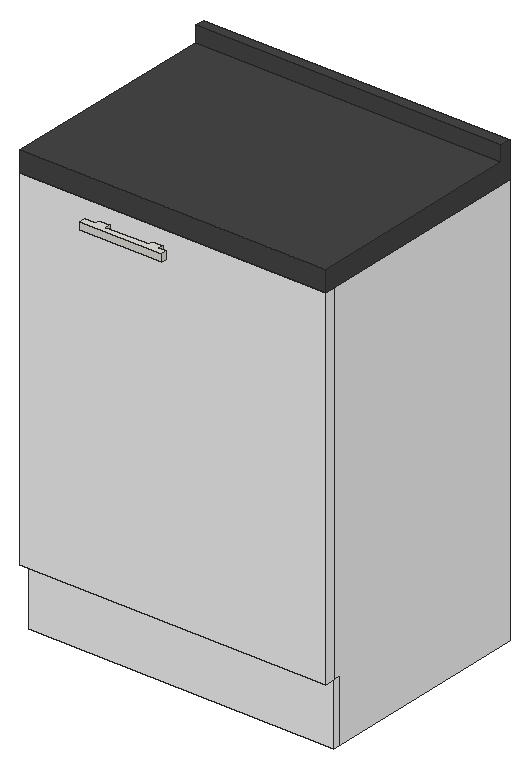
Revit family
Parameters (values of type "MAKE-UP 4000 BASE 02 (600*450*850)")
  Assembly Code = ""
  Manufacturer = "HANSSEM"
  Model = "MAKE-UP 4000 BASE"
  Width = 600 mm
  upper face material = 몸통
  side material = white shine
  support material = white shine
  knob material = Chrome, 2
  Height = 850 mm
  drawer material = white shine
  Depth = 450 mm
Reference planes
  plane 1 "중심(앞/뒤)": y = 0
  plane 2: z = 0
  plane 3 "중심(왼쪽/오른쪽)": x = 0
  plane 4: y = 300
  plane 5: y = -150
  plane 6: x = -440
  plane 7: x = 160
  plane 8: z = 850
  plane 9: x = -400
  plane 10: x = 120
  plane 11: y = 295
  plane 12: y = 275
  plane 13: y = -280
  plane 14: y = -278
  plane 15: z = 820
  plane 16: z = 120
  plane 17: x = -2
  plane 18: x = 2
  plane 19: z = 818
  plane 20: x = -226
  plane 21: x = -306
  plane 22: x = -146
  plane 23: z = 780.013
  plane 24: z = 765.013
  plane 25: y = -245
  plane 26: y = -233
  plane 27: z = 880
  plane 28: y = 280
  plane 29: y = -320
Forms (mm)
  Extrusion 1, solid, material "white shine" <- "side material"
    sketch origin (0, 0, 0) x (1, 0, 0) y (0, 1, 0)
      loop
        line (-400, 295) -> (-400, 275) -> (120, 275) -> (120, 295) -> (-400, 295)
    from 0 to 810
  Extrusion 2, solid, material "white shine" <- "drawer material"
    sketch origin (0, 100, 0) x (1, 0, 0) y (0, 1, 0)
      loop
        line (-440, -250) -> (160, -250) -> (160, -230) -> (-440, -230) -> (-440, -250)
    from 120 to 810
  Extrusion 3, solid, material "white shine" <- "side material"
    sketch origin (0, 0, 0) x (0, 1, 0) y (0, 0, 1)
      loop
        line (300, 810) -> (-130, 810) -> (-130, 120) -> (-118, 120) -> (-118, 0) -> (300, 0) -> (300, 810)
    from 120 to 160
  Extrusion 4, solid, material "white shine" <- "side material"
    sketch origin (0, 0, 0) x (0, 1, 0) y (0, 0, -1)
      loop
        line (300, -810) -> (300, 0) -> (-118, 0) -> (-118, -120) -> (-130, -120) -> (-130, -810) -> (300, -810)
    from 400 to 440
  Extrusion 5, solid, material "white shine" <- "support material"
    sketch origin (0, 65, 0) x (1, 0, 0) y (0, 1, 0)
      loop
        line (-440, -183) -> (-440, -195) -> (160, -195) -> (160, -183) -> (-440, -183)
    from 0 to 120
  Extrusion 6, solid, material "몸통" <- "upper face material"
    sketch origin (0, 0, 0) x (0, 1, 0) y (0, 0, 1)
      loop
        line (300, 810) -> (300, 880) -> (280, 880) -> (280, 850) -> (-150, 850) -> (-150, 810) -> (300, 810)
    from -440 to 160
  Extrusion 7, solid, material "Chrome, 2" <- "knob material"
    sketch origin (6, 0, 0) x (1, 0, 0) y (0, 1, 0)
      loop
        line (-290.435, -150) -> (-290.435, -160) -> (-312, -160) -> (-312, -170) -> (-152, -170) -> (-152, -160) -> (-166, -160) -> (-166, -150) -> (-186, -150) -> (-186, -160) -> (-269.812, -160) -> (-269.812, -150) -> (-290.435, -150)
    from 765.013 to 780.013
Dimensions and locks
  plane 1 "중심(앞/뒤)" to plane 4 = 300 mm
  "Depth": plane 5 to plane 4
  "Height": plane 8 to level
  plane 6 to plane 9 = 40 mm
  plane 10 to plane 7 = 40 mm
  "Width": plane 6 to plane 7
  plane 22 to plane 3 "중심(왼쪽/오른쪽)" = 146 mm
  plane 21 to plane 22 = 160 mm
  plane 9 to plane 21 = 94 mm
  plane 12 to plane 28 to plane 11 to plane 4 = 5 mm, 15 mm, 5 mm
  plane 27 to plane 8 to plane 15 to plane 19 to plane 23 to plane 24 to plane 16 = 30 mm, 30 mm, 2 mm, 37.987 mm, 15 mm, 645.013 mm
  level to plane 16 = 120 mm
  plane 16 to level = 120 mm
  Extrusion 6 to Extrusion 6 = 40 mm
  Extrusion 6 to Extrusion 7 = 99.987 mm
  aligned and locked: plane 9 to Extrusion 1 sketch curve
  aligned and locked: plane 11 to Extrusion 1 sketch curve
  aligned and locked: plane 12 to Extrusion 1 sketch curve
  aligned and locked: plane 10 to Extrusion 1 sketch curve
  aligned and locked: plane 6 to Extrusion 2 sketch curve
  aligned and locked: Extrusion 3 to plane 7
  aligned and locked: plane 10 to Extrusion 3
  aligned and locked: plane 6 to Extrusion 5 sketch curve
  aligned and locked: plane 7 to Extrusion 5 sketch curve
  aligned and locked: Extrusion 5 to plane 16
  aligned and locked: plane 6 to Extrusion 5
  aligned and locked: Extrusion 5 to plane 7
  aligned and locked: plane 11 to Extrusion 1
  aligned and locked: plane 12 to Extrusion 1
  aligned and locked: plane 9 to Extrusion 4
  aligned and locked: Extrusion 3 to plane 10
  aligned and locked: plane 4 to Extrusion 3
  aligned and locked: Extrusion 6 to plane 7
  aligned and locked: plane 6 to Extrusion 6
  aligned and locked: Extrusion 6 to plane 4
  aligned and locked: plane 5 to Extrusion 6
  aligned and locked: plane 27 to Extrusion 6
  aligned and locked: plane 28 to Extrusion 6
  aligned and locked: Extrusion 6 to plane 8
  aligned and locked: Extrusion 6 to Extrusion 4
  aligned and locked: Extrusion 3 to Extrusion 6
  aligned and locked: plane 16 to Extrusion 3
  aligned and locked: Extrusion 2 to plane 7
  aligned and locked: plane 24 to Extrusion 7
  aligned: Extrusion 7 to plane 22
Automatic sketch dimensions
  Extrusion 6 sketch curve to plane 5 = 0 mm
  Extrusion 6 sketch curve to plane 8 = 0 mm
  Extrusion 6 sketch curve to plane 4 = 0 mm
  plane 15 to Extrusion 6 sketch curve = 10 mm
  Extrusion 6 sketch curve to plane 12 = 5 mm
  Extrusion 6 sketch curve to plane 8 = 30 mm
  Extrusion 7 sketch curve to plane 21 = 0 mm
  Extrusion 7 sketch curve to plane 5 = 0 mm  (x2)
  Extrusion 7 sketch curve to plane 22 = 0 mm
  Extrusion 7 sketch curve to Extrusion 7 sketch curve = 21.565 mm
  Extrusion 7 sketch curve to Extrusion 7 sketch curve = 20.623 mm
  Extrusion 7 sketch curve to Extrusion 7 sketch curve = 34 mm
  plane 22 to Extrusion 7 sketch curve = 14 mm
  plane 5 to Extrusion 7 sketch curve = 10 mm  (x3)
  Extrusion 7 sketch curve to Extrusion 7 sketch curve = 10 mm
  Extrusion 5 sketch curve to plane 5 = 20 mm
  Extrusion 5 sketch curve to Extrusion 5 sketch curve = 12 mm
  plane 15 to Extrusion 3 sketch curve = 10 mm
  Extrusion 3 sketch curve to plane 16 = 0 mm
  Extrusion 3 sketch curve to level = 0 mm
  Extrusion 3 sketch curve to plane 4 = 0 mm
  Extrusion 3 sketch curve to plane 5 = 32 mm
  Extrusion 3 sketch curve to plane 5 = 20 mm
  plane 15 to Extrusion 4 sketch curve = 10 mm
  Extrusion 4 sketch curve to plane 16 = 0 mm
  Extrusion 4 sketch curve to level = 0 mm
  Extrusion 4 sketch curve to plane 4 = 0 mm
  Extrusion 4 sketch curve to plane 5 = 32 mm
  Extrusion 4 sketch curve to plane 5 = 20 mm
  Extrusion 2 sketch curve to plane 5 = 0 mm
  Extrusion 2 sketch curve to Extrusion 2 sketch curve = 20 mm
  plane 17 to Extrusion 2 sketch curve = 162 mm
